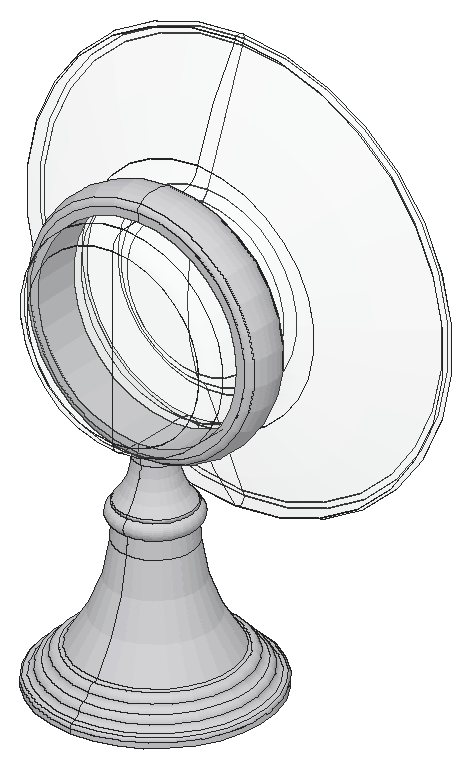
Revit family "Accessory-Soap_Dish-KOHLER-Devonshire-K-10560", category Specialty Equipment, host Face, Revit 2015
Parameters (values of type "CP-Polished Chrome")
  Width = 6"  # constant formula
  URL = "https://www.us.kohler.com/us/"
  Type = 1
  Product Page URL = "http://www.us.kohler.com/us/catalog/productDetails.jsp?productNumber=10560"
  Product Name = "Devonshire"  # constant formula
  Product Documentation Link = "http://www.us.kohler.com/onlinecatalog/pdf/K-10560_spec.pdf"
  Model = if(Type = 1, "K-10560-CP", if(Type = 2, "K-10560-SN", if(Type = 3, "K-10560-PB", if(Type = 4, "K-10560-BN", if(Type = 5, "K-10560-BV", if(Type = 6, "K-10560-2BZ", "NA"))))))  # "K-10560-CP"
  Material = "Premium Metal Construction"  # constant formula
  MasterFormat 2004 = "10.28.13"  # constant formula
  MasterFormat 1995 = "10820"  # constant formula
  Manufacturer Address = "444 Highland Dr, Kohler, WI 53044"  # constant formula
  Manufacturer = "KOHLER Co."  # constant formula
  Length = 4 3/4"  # constant formula
  Height = 2 7/16"  # constant formula
  Finish = Kohler-Metal-CP-Polished_Chrome
  Environmental Product Declaration = ""
  Description = "Soap dish"  # constant formula
  Default Elevation = 42"
  Declare Label = ""
  Date Modified = "11/22/2018"  # constant formula
  Date Created = "11/22/2018"  # constant formula
  Copyright = "Copyright KOHLER Co."  # constant formula
  Contact Us = "https://www.us.kohler.com/us/static/contact.jsp"
  Assembly Code = "C1030200"
  ADA Compliant = 1 = 0  # no
Types (7): name | Type | Model | Finish
  (no name) | 1 | "K-10560-CP" | Kohler-Metal-CP-Polished_Chrome
  CP-Polished Chrome | 1 | "K-10560-CP" | Kohler-Metal-CP-Polished_Chrome
  SN-Vibrant Polished Nickel | 2 | "K-10560-SN" | Kohler-Metal-SN-Vibrant_Polished_Nickel
  PB-Vibrant Polished Brass | 3 | "K-10560-PB" | Kohler-Metal-PB-Vibrant_Polished_Brass
  BN-Vibrant Brushed Nickel | 4 | "K-10560-BN" | Kohler-Metal-BN-Vibrant_Brushed_Nickel
  BV-Vibrant Brushed Bronze | 5 | "K-10560-BV" | Kohler-Metal-BV-Brushed_Bronze
  2BZ-Oil-Rubbed Bronze | 6 | "K-10560-2BZ" | Kohler-Metal-2BZ-Oil_Rubbed_Bronze
Reference planes (in)
  plane 1 "Center (Front/Back)": y = 0
  plane 2: z = 0
  plane 3 "Center (Left/Right)": x = 0
  plane 4: y = 1.25
  plane 5: z = 6
  plane 6: y = -1.1875
  plane 7: x = -2.375
  plane 8: x = 2.375
Dimensions and locks (in)
  "Height": plane 4 to plane 6
  "Length": plane 7 to plane 8
  "Width": plane 5 to plane 2
  aligned and locked: plane 2 to host face
  aligned and locked: level to host face
Automatic sketch dimensions
  host sketch curve to host sketch curve = 96"  (x2)
Nested families (in)
  nested 1: "K-10560" at (0, 0, 0), type "K-10560"
Definition of nested family "K-10560"
  Parameters (values of type "K-10560")
    Material = none
  Reference planes (in)
    plane 1 "Center (Front/Back)": y = 0
    plane 2: z = 0
    plane 3 "Center (Left/Right)": x = 0
    plane 4: z = 6
    plane 5: y = -1.1875
    plane 6: y = 1.1875
    plane 7: y = 1.25
    plane 8: x = -2.375
    plane 9: x = 2.375
    plane 10: z = 3.625
    plane 11: z = 1.25
    plane 12: x = -1.1875
    plane 13: x = 1.1875
  Forms (in)
    Revolve 1, solid, material <- "Material", detail levels medium+fine
      sketch origin (0, 0, 0) x (0, 1, 0) y (0, 0, 1)
        loop
          arc (1.1875, 0.05678) -> (1.18247, 0.07737) -> (1.16851, 0.09332) r 0.04465
          arc (1.16851, 0.09332) -> (1.14751, 0.10516) -> (1.12461, 0.11265) r 0.12236
          arc (1.12461, 0.11265) -> (1.08623, 0.13425) -> (1.06636, 0.17355) r 0.07572
          arc (1.06636, 0.17355) -> (1.0441, 0.21645) -> (1.00125, 0.2388) r 0.08031
          arc (1.00125, 0.2388) -> (0.95863, 0.26091) -> (0.9362, 0.30337) r 0.08042
          arc (0.9362, 0.30337) -> (0.90647, 0.35317) -> (0.85144, 0.37151) r 0.08334
          arc (0.85144, 0.37151) -> (0.83008, 0.37586) -> (0.813, 0.3894) r 0.04688
          arc (0.813, 0.3894) -> (0.52727, 0.89004) -> (0.39914, 1.45206) r 1.96469
          arc (0.39914, 1.45206) -> (0.39302, 1.54671) -> (0.38923, 1.6415) r 3.8471
          arc (0.38923, 1.6415) -> (0.44983, 1.72879) -> (0.38727, 1.81469) r 0.09168
          arc (0.38727, 1.81469) -> (0.39511, 1.82931) -> (0.38938, 1.84487) r 0.02023
          arc (0.38938, 1.84487) -> (0.25701, 2.04626) -> (0.21059, 2.28275) r 0.62561
          line (0.21059, 2.28275) -> (0.21059, 2.47818) -> (0, 2.47818) -> (0, 0) -> (1.1875, 0) -> (1.1875, 0.05678)
        axis (0, 0) -> (0, 2.47818)
      angle from 0 to 360
    Revolve 2, solid, detail levels medium+fine
      sketch origin (0, 0, 0) x (0, 1, 0) y (0, 0, 1)
        loop
          line (-0.59055, 3.625) -> (0.45918, 3.625)
          arc (0.45918, 3.625) -> (0.49006, 4.01977) -> (0.58195, 4.40494) r 2.53888
          arc (0.58195, 4.40494) -> (0.61592, 4.47609) -> (0.66742, 4.53577) r 0.29673
          arc (0.66742, 4.53577) -> (0.70647, 4.57998) -> (0.73372, 4.63229) r 0.24301
          arc (0.73372, 4.63229) -> (0.97535, 5.25084) -> (1.23401, 5.86245) r 23.96962
          arc (1.23401, 5.86245) -> (1.24458, 5.89361) -> (1.24959, 5.92613) r 0.18925
          arc (1.24959, 5.92613) -> (1.20317, 5.99608) -> (1.12343, 5.96979) r 0.06921
          arc (1.12343, 5.96979) -> (0.82659, 5.46559) -> (0.60122, 4.92565) r 4.28379
          arc (0.60122, 4.92565) -> (0.50994, 4.80175) -> (0.36386, 4.75333) r 0.25391
          line (0.36386, 4.75333) -> (-0.44006, 4.74357)
          arc (-0.44006, 4.74357) -> (-0.54658, 4.69831) -> (-0.59055, 4.59124) r 0.15234
          line (-0.59055, 4.59124) -> (-0.59055, 3.625)
        axis (-0.59055, 3.625) -> (1.24959, 3.625)
      angle from 0 to 360
    Revolve 3, solid, material <- "Material", detail levels medium+fine
      sketch origin (0, 0, 0) x (0, 1, 0) y (0, 0, 1)
        loop
          line (-0.248, 4.74294) -> (0.248, 4.74911) -> (0.248, 4.83139)
          arc (0.248, 4.83139) -> (0.23756, 4.87069) -> (0.20899, 4.89963) r 0.0792
          arc (0.20899, 4.89963) -> (0, 4.95659) -> (-0.20899, 4.89963) r 0.41189
          arc (-0.20899, 4.89963) -> (-0.23756, 4.87069) -> (-0.248, 4.83139) r 0.0792
          line (-0.248, 4.83139) -> (-0.248, 4.74294)
        axis (-0.248, 3.625) -> (0.248, 3.625)
      angle from 0 to 360
    Revolve 4, solid, material <- "Material", detail levels coarse
      sketch origin (0, 0, 0) x (0, 1, 0) y (0, 0, 1)
        loop
          line (0, 0) -> (1.1875, 0) -> (1.1875, 0.14656) -> (0.44983, 1.13526) -> (0.44983, 1.72879) -> (0.248, 2.49807) -> (0, 2.49807) -> (0, 0)
        axis (0, 0) -> (0, 2.49807)
      angle from 0 to 360
    Revolve 5, solid, detail levels coarse
      sketch origin (0, 0, 0) x (0, 1, 0) y (0, 0, 1)
        loop
          line (-0.59055, 3.625) -> (1.25, 3.625) -> (1.25, 6) -> (1.06705, 6) -> (0.36386, 4.75333) -> (-0.59055, 4.75333) -> (-0.59055, 3.625)
        axis (-0.59055, 3.625) -> (1.25, 3.625)
      angle from 0 to 360
    Revolve 6, solid, material <- "Material", detail levels coarse
      sketch origin (0, 0, 0) x (0, 1, 0) y (0, 0, 1)
        loop
          line (-0.248, 4.75193) -> (0.248, 4.75193) -> (0.248, 4.95985) -> (-0.248, 4.95985) -> (-0.248, 4.75193)
        axis (-0.248, 3.625) -> (0.248, 3.625)
      angle from 0 to 360
  Cuts and joins
    joined: Revolve 4, Revolve 6
  Lines and regions (in)
    Masking region 1
      outline origin (0, 0, 0) x (1, 0, 0) y (0, 0, 1)
        loop
          line (-1.1875, 0.05678) -> (-1.1875, 0) -> (0, 0) -> (1.1875, 0) -> (1.1875, 0.05678)
          arc (1.1875, 0.05678) -> (1.18247, 0.07737) -> (1.16851, 0.09332) r 0.04465
          arc (1.16851, 0.09332) -> (1.14751, 0.10516) -> (1.12461, 0.11265) r 0.12236
          arc (1.12461, 0.11265) -> (1.08623, 0.13425) -> (1.06636, 0.17355) r 0.07572
          arc (1.06636, 0.17355) -> (1.0441, 0.21645) -> (1.00125, 0.2388) r 0.08031
          arc (1.00125, 0.2388) -> (0.9584, 0.26114) -> (0.93608, 0.304) r 0.08042
          arc (0.93608, 0.304) -> (0.90659, 0.3537) -> (0.85162, 0.37151) r 0.08183
          arc (0.85162, 0.37151) -> (0.83033, 0.37562) -> (0.8133, 0.38902) r 0.04596
          arc (0.8133, 0.38902) -> (0.55913, 0.81311) -> (0.41888, 1.28723) r 1.96469
          arc (0.41888, 1.28723) -> (1.82146, 2.1009) -> (2.375, 3.625) r 2.375
          arc (2.375, 3.625) -> (1.67938, 5.30438) -> (0, 6) r 2.375
          arc (0, 6) -> (-1.67938, 5.30438) -> (-2.375, 3.625) r 2.375
          arc (-2.375, 3.625) -> (-1.82146, 2.1009) -> (-0.41888, 1.28723) r 2.375
          arc (-0.41888, 1.28723) -> (-0.55913, 0.81311) -> (-0.8133, 0.38902) r 1.96469
          arc (-0.8133, 0.38902) -> (-0.83033, 0.37562) -> (-0.85162, 0.37151) r 0.04596
          arc (-0.85162, 0.37151) -> (-0.90659, 0.3537) -> (-0.93608, 0.304) r 0.08183
          arc (-0.93608, 0.304) -> (-0.9584, 0.26114) -> (-1.00125, 0.2388) r 0.08042
          arc (-1.00125, 0.2388) -> (-1.0441, 0.21645) -> (-1.06636, 0.17355) r 0.08031
          arc (-1.06636, 0.17355) -> (-1.08623, 0.13425) -> (-1.12461, 0.11265) r 0.07572
          arc (-1.12461, 0.11265) -> (-1.14751, 0.10516) -> (-1.16851, 0.09332) r 0.12236
          arc (-1.16851, 0.09332) -> (-1.18247, 0.07737) -> (-1.1875, 0.05678) r 0.04465
    Masking region 2
      outline origin (0, 0, 0) x (0, 1, 0) y (0, 0, 1)
        loop
          arc (1.1875, 0.05678) -> (1.18247, 0.07737) -> (1.16851, 0.09332) r 0.04465
          arc (1.16851, 0.09332) -> (1.14751, 0.10516) -> (1.12461, 0.11265) r 0.12236
          arc (1.12461, 0.11265) -> (1.08623, 0.13425) -> (1.06636, 0.17355) r 0.07572
          arc (1.06636, 0.17355) -> (1.0441, 0.21645) -> (1.00125, 0.2388) r 0.08031
          arc (1.00125, 0.2388) -> (0.9584, 0.26114) -> (0.93608, 0.304) r 0.08042
          arc (0.93608, 0.304) -> (0.90659, 0.3537) -> (0.85162, 0.37151) r 0.08183
          arc (0.85162, 0.37151) -> (0.83033, 0.37562) -> (0.8133, 0.38902) r 0.04596
          arc (0.8133, 0.38902) -> (0.52736, 0.88982) -> (0.39914, 1.45206) r 1.96469
          arc (0.39914, 1.45206) -> (0.39302, 1.54671) -> (0.38923, 1.6415) r 3.8471
          arc (0.38923, 1.6415) -> (0.44983, 1.72879) -> (0.38727, 1.81469) r 0.09168
          arc (0.38727, 1.81469) -> (0.39511, 1.82931) -> (0.38938, 1.84487) r 0.02023
          arc (0.38938, 1.84487) -> (0.25701, 2.04626) -> (0.21059, 2.28275) r 0.62561
          line (0.21059, 2.28275) -> (0.21059, 2.35075)
          arc (0.21059, 2.35075) -> (0.23803, 2.37975) -> (0.248, 2.41839) r 0.07985
          line (0.248, 2.41839) -> (0.248, 2.49807) -> (0.36386, 2.49667)
          arc (0.36386, 2.49667) -> (0.50994, 2.44825) -> (0.60122, 2.32435) r 0.25391
          arc (0.60122, 2.32435) -> (0.82659, 1.78441) -> (1.12343, 1.28021) r 4.28379
          arc (1.12343, 1.28021) -> (1.201, 1.25321) -> (1.25, 1.31932) r 0.06921
          line (1.25, 1.31932) -> (1.24974, 5.93068)
          arc (1.24974, 5.93068) -> (1.201, 5.99679) -> (1.12343, 5.96979) r 0.06921
          arc (1.12343, 5.96979) -> (0.82659, 5.46559) -> (0.60122, 4.92565) r 4.28379
          arc (0.60122, 4.92565) -> (0.50994, 4.80175) -> (0.36386, 4.75333) r 0.25391
          line (0.36386, 4.75333) -> (0.248, 4.75193) -> (0.248, 4.83161)
          arc (0.248, 4.83161) -> (0.23803, 4.87025) -> (0.21059, 4.89925) r 0.07985
          arc (0.21059, 4.89925) -> (0, 4.95985) -> (-0.21059, 4.89925) r 0.39619
          arc (-0.21059, 4.89925) -> (-0.23803, 4.87025) -> (-0.248, 4.83161) r 0.07985
          line (-0.248, 4.83161) -> (-0.248, 4.74591) -> (-0.44006, 4.74357)
          arc (-0.44006, 4.74357) -> (-0.54658, 4.69831) -> (-0.59055, 4.59124) r 0.15234
          line (-0.59055, 4.59124) -> (-0.59055, 3.625) -> (-0.59055, 2.65876)
          arc (-0.59055, 2.65876) -> (-0.54658, 2.55169) -> (-0.44006, 2.50643) r 0.15234
          line (-0.44006, 2.50643) -> (-0.248, 2.50409) -> (-0.248, 2.41839)
          arc (-0.248, 2.41839) -> (-0.23803, 2.37975) -> (-0.21059, 2.35075) r 0.07985
          line (-0.21059, 2.35075) -> (-0.21059, 2.28275)
          arc (-0.21059, 2.28275) -> (-0.25701, 2.04626) -> (-0.38938, 1.84487) r 0.62561
          arc (-0.38938, 1.84487) -> (-0.39511, 1.82931) -> (-0.38727, 1.81469) r 0.02023
          arc (-0.38727, 1.81469) -> (-0.44983, 1.72879) -> (-0.38923, 1.6415) r 0.09168
          arc (-0.38923, 1.6415) -> (-0.39302, 1.54671) -> (-0.39914, 1.45206) r 3.8471
          arc (-0.39914, 1.45206) -> (-0.52736, 0.88982) -> (-0.8133, 0.38902) r 1.96469
          arc (-0.8133, 0.38902) -> (-0.83033, 0.37562) -> (-0.85162, 0.37151) r 0.04596
          arc (-0.85162, 0.37151) -> (-0.90659, 0.3537) -> (-0.93608, 0.304) r 0.08183
          arc (-0.93608, 0.304) -> (-0.9584, 0.26114) -> (-1.00125, 0.2388) r 0.08042
          arc (-1.00125, 0.2388) -> (-1.0441, 0.21645) -> (-1.06636, 0.17355) r 0.08031
          arc (-1.06636, 0.17355) -> (-1.08623, 0.13425) -> (-1.12461, 0.11265) r 0.07572
          arc (-1.12461, 0.11265) -> (-1.14751, 0.10516) -> (-1.16851, 0.09332) r 0.12236
          arc (-1.16851, 0.09332) -> (-1.18247, 0.07737) -> (-1.1875, 0.05678) r 0.04465
          line (-1.1875, 0.05678) -> (-1.1875, 0) -> (0, 0) -> (1.1875, 0) -> (1.1875, 0.05678)
    Masking region 3
      outline origin (0, 0, 0) x (1, 0, 0) y (0, 1, 0)
        loop
          arc (1.29783, 0.60122) -> (1.83954, 0.82747) -> (2.34522, 1.12566) r 4.28379
          arc (2.34522, 1.12566) -> (2.37112, 1.20377) -> (2.30286, 1.24974) r 0.06806
          line (2.30286, 1.24974) -> (-2.30286, 1.25)
          arc (-2.30286, 1.25) -> (-2.37134, 1.20406) -> (-2.34554, 1.12589) r 0.06796
          arc (-2.34554, 1.12589) -> (-1.83971, 0.82756) -> (-1.29783, 0.60122) r 4.28379
          arc (-1.29783, 0.60122) -> (-1.1779, 0.51526) -> (-1.12602, 0.37713) r 0.25391
          arc (-1.12602, 0.37713) -> (-1.14549, 0.31306) -> (-1.16131, 0.248) r 1.1875
          line (-1.16131, 0.248) -> (-1.20379, 0.248)
          arc (-1.20379, 0.248) -> (-1.24244, 0.23803) -> (-1.27143, 0.21059) r 0.07985
          arc (-1.27143, 0.21059) -> (-1.33203, 0) -> (-1.27143, -0.21059) r 0.39619
          arc (-1.27143, -0.21059) -> (-1.24244, -0.23803) -> (-1.20379, -0.248) r 0.07985
          line (-1.20379, -0.248) -> (-1.16131, -0.248)
          arc (-1.16131, -0.248) -> (-1.14146, -0.32745) -> (-1.11618, -0.40535) r 1.1875
          line (-1.11618, -0.40535) -> (-1.11576, -0.44006)
          arc (-1.11576, -0.44006) -> (-1.09579, -0.51363) -> (-1.04268, -0.56831) r 0.15234
          arc (-1.04268, -0.56831) -> (0, -1.1875) -> (1.04268, -0.56831) r 1.1875
          arc (1.04268, -0.56831) -> (1.09579, -0.51363) -> (1.11576, -0.44006) r 0.15234
          line (1.11576, -0.44006) -> (1.11618, -0.40535)
          arc (1.11618, -0.40535) -> (1.14146, -0.32745) -> (1.16131, -0.248) r 1.1875
          line (1.16131, -0.248) -> (1.20379, -0.248)
          arc (1.20379, -0.248) -> (1.24244, -0.23803) -> (1.27143, -0.21059) r 0.07985
          arc (1.27143, -0.21059) -> (1.33203, 0) -> (1.27143, 0.21059) r 0.39619
          arc (1.27143, 0.21059) -> (1.24244, 0.23803) -> (1.20379, 0.248) r 0.07985
          line (1.20379, 0.248) -> (1.16131, 0.248)
          arc (1.16131, 0.248) -> (1.14549, 0.31306) -> (1.12602, 0.37713) r 1.1875
          arc (1.12602, 0.37713) -> (1.1779, 0.51526) -> (1.29783, 0.60122) r 0.25391
    symbolic lines, detail levels medium+fine
      curve 1: circle (0, 0, 3.625) r 1.12411 normal (0, -1, 0)
      curve 2: arc (-0.41888, 0, 1.28723) -> (0, 0, 1.25) -> (0.41888, 0, 1.28723) r 2.375
      curve 3: line (-0.85162, 0, 0.37151) -> (0.85162, 0, 0.37151)
      curve 4: line (-1.00125, 0, 0.2388) -> (1.00125, 0, 0.2388)
      curve 5: line (-1.12461, 0, 0.11265) -> (1.12461, 0, 0.11265)
      curve 6: arc (0, 0.21059, 2.35075) -> (0, 0, 2.29015) -> (0, -0.21059, 2.35075) r 0.39619
      curve 7: line (0, 0.248, 2.49807) -> (0, 0.248, 4.75193)
      curve 8: line (0, -0.248, 4.74591) -> (0, -0.248, 2.50409)
      curve 9: line (0, 0.38727, 1.81469) -> (0, -0.38727, 1.81469)
      curve 10: line (0, 0.38923, 1.6415) -> (0, -0.38923, 1.6415)
      curve 11: line (0, 0.85162, 0.37151) -> (0, -0.85162, 0.37151)
      curve 12: line (0, 1.00125, 0.2388) -> (0, -1.00125, 0.2388)
      curve 13: line (0, 1.12461, 0.11265) -> (0, -1.12461, 0.11265)
      curve 14: line (-1.16131, 0.248, 0) -> (1.16131, 0.248, 0)
      curve 15: line (-1.16131, -0.248, 0) -> (1.16131, -0.248, 0)
      curve 16: line (-1.12602, 0.37713, 0) -> (-1.12602, 0.248, 0)
      curve 17: line (-1.11618, -0.40535, 0) -> (-1.11618, -0.248, 0)
      curve 18: line (1.12602, 0.37713, 0) -> (1.12602, 0.248, 0)
      curve 19: line (1.11618, -0.40535, 0) -> (1.11618, -0.248, 0)
      curve 20: line (-0.96729, -0.5905, 0) -> (0.96729, -0.5905, 0)
      curve 21: arc (0.96729, -0.5905, 0) -> (1.00658, -0.58484, 0) -> (1.04268, -0.56831, 0) r 0.13915
      curve 22: arc (-0.96729, -0.5905, 0) -> (-1.00658, -0.58484, 0) -> (-1.04268, -0.56831, 0) r 0.13915
  Dimensions and locks (in)
    plane 7 to plane 5 = 2 7/16"
    plane 6 to plane 5 = 2 3/8"
    plane 9 to plane 8 = 4 3/4"
    aligned and locked: plane 2 to level
